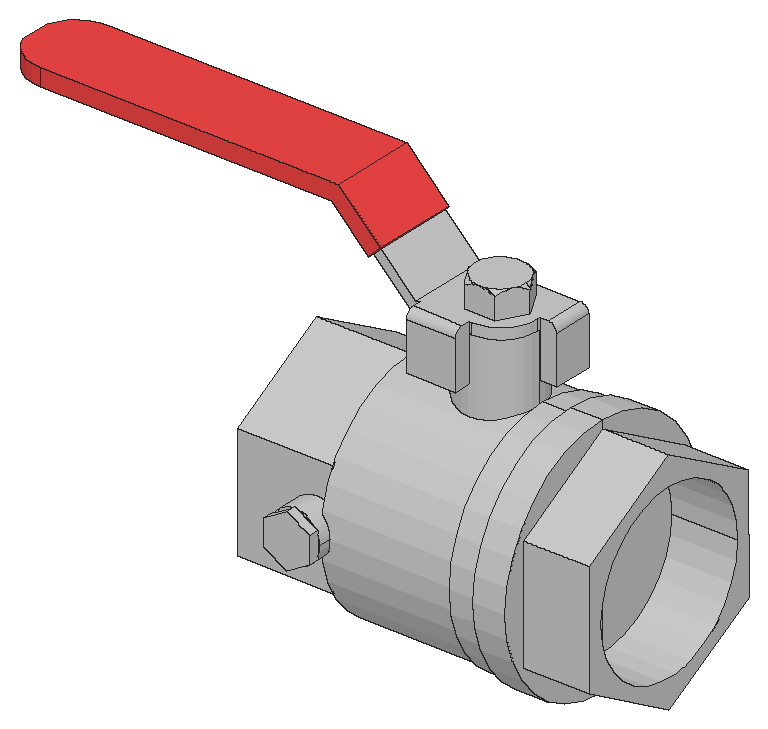
Revit family "Ридан_BVR-DR_Кран шаровой ГОСТ полнопроходной со спускным элементом", category Арматура трубопроводов, Revit 2019
Family settings
  Размер круглого соединителя = Использовать диаметр
  Тип детали = Вставляется
  На основе рабочей плоскости = Нет
  Всегда вертикально = Да
  При загрузке вырезать с полостями = Нет
  Общий = Нет
Parameters (values of type "DN50")
  УГО_Длина = y  # 62.62 mm
  Контакты_Производитель = "info@ridan.ru"  # constant formula
  y = size_lookup(LT, "y", 23 mm, ADSK_Диаметр условный)  # 62.62 mm
  x = size_lookup(LT, "x", 23 mm, ADSK_Диаметр условный)  # 56.66 mm
  w = size_lookup(LT, "w", 23 mm, ADSK_Диаметр условный)  # 9.21 mm
  v = size_lookup(LT, "v", 23 mm, ADSK_Диаметр условный)  # 16.46 mm
  u = size_lookup(LT, "u", 23 mm, ADSK_Диаметр условный)  # 11.5 mm
  t = size_lookup(LT, "t", 23 mm, ADSK_Диаметр условный)  # 5 mm
  s = size_lookup(LT, "s", 23 mm, ADSK_Диаметр условный)  # 4.5 mm
  r = size_lookup(LT, "r", 23 mm, ADSK_Диаметр условный)  # 3.5 mm
  q = size_lookup(LT, "q", 23 mm, ADSK_Диаметр условный)  # 10.5 mm
  p = size_lookup(LT, "p", 23 mm, ADSK_Диаметр условный)  # 41.25 mm
  o = size_lookup(LT, "o", 23 mm, ADSK_Диаметр условный)  # 41.25 mm
  n = size_lookup(LT, "n", 23 mm, ADSK_Диаметр условный)  # 15 mm
  m = size_lookup(LT, "m", 23 mm, ADSK_Диаметр условный)  # 65 mm
  l = size_lookup(LT, "l", 23 mm, ADSK_Диаметр условный)  # 80 mm
  k = size_lookup(LT, "k", 23 mm, ADSK_Диаметр условный)  # 26 mm
  j = size_lookup(LT, "j", 23 mm, ADSK_Диаметр условный)  # 59.5 mm
  i = size_lookup(LT, "i", 23 mm, ADSK_Диаметр условный)  # 75 mm
  h = size_lookup(LT, "h", 23 mm, ADSK_Диаметр условный)  # 77 mm
  g = size_lookup(LT, "g", 23 mm, ADSK_Диаметр условный)  # 29.12 mm
  f = size_lookup(LT, "f", 23 mm, ADSK_Диаметр условный)  # 34.5 mm
  e = size_lookup(LT, "e", 23 mm, ADSK_Диаметр условный)  # 22 mm
  d = size_lookup(LT, "d", 23 mm, ADSK_Диаметр условный)  # 10.5 mm
  c = size_lookup(LT, "c", 23 mm, ADSK_Диаметр условный)  # 9 mm
  b = size_lookup(LT, "b", 23 mm, ADSK_Диаметр условный)  # 43.12 mm
  a = size_lookup(LT, "a", 23 mm, ADSK_Диаметр условный)  # 31.38 mm
  URL = "https://ridan.ru/"
  LT = "BVR-DR"  # constant formula
  ADSK_Расход жидкости = 0.0000 m³/h
  ADSK_Пропускная способность = size_lookup(LT, "Kv", 0.0000 m³/h, ADSK_Диаметр условный)  # 243.0000 m³/h
  ADSK_Потеря давления жидкости = 100000.0 Pa * (ADSK_Расход жидкости / ADSK_Пропускная способность) ^ 2  # 0.0 Pa
  ADSK_Наименование = "Кран шаровой ГОСТ BVR-DR полнопроходной с внутренней резьбой со спускным элементом PN40, Tmax=110C, DN50"
  ADSK_Материал = Латунь никелированная
  ADSK_Масса_Текст = ""
  ADSK_Масса = size_lookup(LT, "M", 0, ADSK_Диаметр условный)  # 1.7
  ADSK_Марка = size_lookup(LT, "Mark", "", ADSK_Диаметр условный)  # "BVR-DR DN50"
  ADSK_Количество = 1  # constant formula
  ADSK_Код изделия = size_lookup(LT, "", "", ADSK_Диаметр условный)  # "065B8321RG"
  ADSK_Завод-изготовитель = "ООО «Ридан-Трейд»"  # constant formula
  ADSK_Единица измерения = "шт."
  ADSK_Диаметр условный = 50 mm
  ADSK_Версия семейства = "1.0"  # constant formula
  ADSK_Версия Revit = "2019"  # constant formula
Types (7, lengths in mm): name | УГО_Длина | y | x | p | o | m | l | k | j | i | h | g | f | e | d | c | b | a | ADSK_Пропускная способность | ADSK_Наименование | ADSK_Масса | ADSK_Марка | ADSK_Код изделия | ADSK_Диаметр условный
  (no name) | 62.62 | 62.62 | 56.66 | 41.25 | 41.25 | 65 | 80 | 26 | 59.5 | 75 | 77 | 29.12 | 34.5 | 22 | 10.5 | 9 | 43.12 | 31.38 | 243.0000 m³/h | "Кран шаровой ГОСТ BVR-DR полнопроходной с внутренней резьбой со спускным элементом PN40, Tmax=110C, DN50" | 1.7 | "BVR-DR DN50" | "065B8321RG" | 50
  DN15 | 26.54 | 26.54 | 18.63 | 20 | 20 | 24.5 | 30.5 | 16.5 | 29.4 | 26.5 | 28.5 | 10.93 | 15.5 | 10.9 | 7.1 | 7.5 | 11.93 | 20.57 | 15.0000 m³/h | "Кран шаровой ГОСТ BVR-DR полнопроходной с внутренней резьбой со спускным элементом PN40, Tmax=110C, DN15" | 0.27 | "BVR-DR DN15" | "065B8316RG" | 15
  DN20 | 33.63 | 33.63 | 24.12 | 22.75 | 22.75 | 30 | 37 | 16.5 | 32.2 | 33 | 35 | 17.3 | 17.5 | 13.67 | 5.33 | 7.5 | 20.8 | 17.7 | 28.0000 m³/h | "Кран шаровой ГОСТ BVR-DR полнопроходной с внутренней резьбой со спускным элементом PN40, Tmax=110C, DN20" | 0.36 | "BVR-DR DN20" | "065B8317RG" | 20
  DN25 | 34.21 | 34.21 | 30.29 | 27 | 27 | 37 | 44 | 19 | 37.5 | 40 | 42 | 15.21 | 20.5 | 16 | 6.5 | 7 | 20.71 | 24.79 | 39.0000 m³/h | "Кран шаровой ГОСТ BVR-DR полнопроходной с внутренней резьбой со спускным элементом PN40, Tmax=110C, DN25" | 0.56 | "BVR-DR DN25" | "065B8318RG" | 25
  DN32 | 40.07 | 40.07 | 38.95 | 31.5 | 31.5 | 46 | 55 | 23 | 45 | 50 | 52 | 17.57 | 24.5 | 18 | 7 | 7.5 | 25.57 | 27.93 | 84.0000 m³/h | "Кран шаровой ГОСТ BVR-DR полнопроходной с внутренней резьбой со спускным элементом PN40, Tmax=110C, DN32" | 0.73 | "BVR-DR DN32" | "065B8319RG" | 32
  DN40 | 52.25 | 52.25 | 44.85 | 37.5 | 37.5 | 53 | 65 | 23.5 | 50 | 60 | 62 | 24.75 | 29 | 19 | 7 | 7.5 | 37.75 | 26.75 | 156.0000 m³/h | "Кран шаровой ГОСТ BVR-DR полнопроходной с внутренней резьбой со спускным элементом PN40, Tmax=110C, DN40" | 1.12 | "BVR-DR DN40" | "065B8320RG" | 40
  DN50 | 62.62 | 62.62 | 56.66 | 41.25 | 41.25 | 65 | 80 | 26 | 59.5 | 75 | 77 | 29.12 | 34.5 | 22 | 10.5 | 9 | 43.12 | 31.38 | 243.0000 m³/h | "Кран шаровой ГОСТ BVR-DR полнопроходной с внутренней резьбой со спускным элементом PN40, Tmax=110C, DN50" | 1.7 | "BVR-DR DN50" | "065B8321RG" | 50
Reference planes
  plane 1 "По центру (Вперед/Назад)": y = 0
  plane 2: z = 0
  plane 3 "По центру (Влево/Вправо)": x = 0
  plane 4: x = -60.5
  plane 5: x = -34.5
  plane 6: x = -29.12
  plane 7: x = 14
  plane 8: x = 23
  plane 9: x = 33.5
  plane 10: x = 55.5
  plane 11: z = 37.5
  plane 12: z = 38.5
  plane 13: z = 40
  plane 14: z = -37.5
  plane 15: z = -38.5
  plane 16: z = -40
  plane 17: x = -13
  plane 18: x = 13
  plane 19: z = 59.5
  plane 20: z = 8.216
  plane 21: z = -8.236
  plane 22: y = -44.75
  plane 23: y = -41.25
  plane 24: y = 41.25
  plane 25: y = 60.96
  plane 26: y = 51.75
  plane 27: y = 45.75
  plane 28: x = -46
  plane 29: x = 12.5
Forms (mm)
  Revolve 1, solid, material "Латунь никелированная" <- "ADSK_Материал", detail levels fine
    sketch origin (0, 0, 0) x (1, 0, 0) y (0, 0, 1)
      loop
        line (33.5, -40) -> (33.5, 0) -> (-29.12, 0) -> (-29.12, -37.5) -> (14, -37.5) -> (14, -38.5) -> (23, -38.5) -> (23, -40) -> (33.5, -40)
      axis (-29.12, 0) -> (33.5, 0)
    angle from 0 to 360
  Extrusion 2, solid, material "Латунь никелированная" <- "ADSK_Материал", detail levels fine
    sketch origin (0, 0, 0) x (0, 1, 0) y (0, 0, 1)
      loop
        line (0, 37.528) -> (-32.5, 18.764) -> (-32.5, -18.764) -> (0, -37.528) -> (32.5, -18.764) -> (32.5, 18.764) -> (0, 37.528)
    from -60.5 to -29.12
  Extrusion 3, solid, material "Латунь никелированная" <- "ADSK_Материал", detail levels fine
    sketch origin (0, 0, 0) x (0, 1, 0) y (0, 0, 1)
      loop
        line (0, 37.528) -> (-32.5, 18.764) -> (-32.5, -18.764) -> (0, -37.528) -> (32.5, -18.764) -> (32.5, 18.764) -> (0, 37.528)
    from 33.5 to 55.5
  Revolve 4, solid, material "Латунь никелированная" <- "ADSK_Материал", detail levels fine
    sketch origin (0, 0, 0) x (1, 0, 0) y (0, 0, 1)
      loop
        line (-13, 59.5) -> (-13, 0) -> (0, 0) -> (0, 59.5) -> (-13, 59.5)
      axis (0, 59.5) -> (0, 0)
    angle from 0 to 360
  Extrusion 5, solid, material "Латунь никелированная" <- "ADSK_Материал", detail levels fine
    sketch origin (0, 0, 0) x (1, 0, 0) y (0, 0, 1)
      loop
        line (-34.5, 8.66) -> (-42, 4.33) -> (-42, -4.33) -> (-34.5, -8.66) -> (-27, -4.33) -> (-27, 4.33) -> (-34.5, 8.66)
    from 41.25 to 44.75
  Extrusion 6, solid, material "Латунь никелированная" <- "ADSK_Материал", detail levels fine
    sketch origin (0, 0, 0) x (1, 0, 0) y (0, 0, 1)
      loop
        circle (-34.5, 0) r 8.23
    from -41.25 to 41.25
  Extrusion 7, solid, material "Латунь никелированная" <- "ADSK_Материал", detail levels fine
    sketch origin (0, 0, 0) x (1, 0, 0) y (0, 0, 1)
      loop
        line (-34.5, 8.66) -> (-42, 4.33) -> (-42, -4.33) -> (-34.5, -8.66) -> (-27, -4.33) -> (-27, 4.33) -> (-34.5, 8.66)
    from -51.75 to -41.25
  Revolve 8, solid, material "Латунь никелированная" <- "ADSK_Материал", detail levels fine
    sketch origin (0, 0, 0) x (1, 0, 0) y (0, 1, 0)
      loop
        line (-40.48, 51.75) -> (-34.5, 51.75) -> (-34.5, 60.96) -> (-41.48, 60.96) -> (-41.48, 57.963) -> (-37.48, 57.963) -> (-37.48, 55.442) -> (-39.48, 54.715) -> (-39.48, 53.75) -> (-40.48, 53.75) -> (-40.48, 51.75)
      axis (-34.5, 60.96) -> (-34.5, 51.75)
    angle from 0 to 360
  Extrusion 9, solid, material "Латунь никелированная" <- "ADSK_Материал", detail levels fine
    sketch origin (0, 0, 0) x (0, 1, 0) y (0, 0, 1)
      loop
        circle (45.75, 0) r 2.5
    from -46 to -34.5
  Extrusion 10, void
    sketch origin (0, 0, 0) x (0, 1, 0) y (0, 0, 1)
      loop
        circle (0, 0) r 28.33
    from 33.5 to 55.5
  Extrusion 11, void
    sketch origin (0, 0, 0) x (0, 1, 0) y (0, 0, 1)
      loop
        circle (0, 0) r 28.33
    from -60.5 to -29.12
Cuts and joins
  Extrusion 10, Extrusion 11 cuts Revolve 1
  Extrusion 10, Extrusion 11 cuts Extrusion 3
  Extrusion 10, Extrusion 11 cuts Revolve 4
  Extrusion 11 cuts Extrusion 2
  Extrusion 11 cuts Extrusion 6
Dimensions and locks
  "a": plane 6 to plane 4
  "b": plane 7 to plane 6
  "c": plane 8 to plane 7
  "d": plane 9 to plane 8
  "e": plane 10 to plane 9
  "f": plane 5 to plane 3 "По центру (Влево/Вправо)"
  "g": plane 3 "По центру (Влево/Вправо)" to plane 6
  equal spacing: plane 11, plane 2, plane 14
  "i": plane 11 to plane 14
  equal spacing: plane 12, plane 2, plane 15
  "h": plane 12 to plane 15
  equal spacing: plane 13, plane 2, plane 16
  "l": plane 13 to plane 16
  equal spacing: Extrusion 2 sketch curve, plane 1 "По центру (Вперед/Назад)", Extrusion 2 sketch curve  (x3)
  "m": Extrusion 2 sketch curve to Extrusion 2 sketch curve  (x2)
  equal spacing: Extrusion 3 sketch curve, plane 1 "По центру (Вперед/Назад)", Extrusion 3 sketch curve  (x3)
  "m": Extrusion 3 sketch curve to Extrusion 3 sketch curve  (x2)
  equal spacing: plane 17, plane 3 "По центру (Влево/Вправо)", plane 18
  "k": plane 17 to plane 18
  "j": plane 19 to plane 2
  "r": plane 22 to plane 23
  "o": plane 23 to plane 1 "По центру (Вперед/Назад)"
  "p": plane 1 "По центру (Вперед/Назад)" to plane 24
  "q": plane 24 to plane 26
  "w": plane 26 to plane 25
  equal spacing: Extrusion 5 sketch curve, plane 5, Extrusion 5 sketch curve  (x3)
  "n": Extrusion 5 sketch curve to Extrusion 5 sketch curve  (x2)
  equal spacing: Extrusion 7 sketch curve, plane 5, Extrusion 7 sketch curve  (x3)
  "n": Extrusion 7 sketch curve to Extrusion 7 sketch curve  (x2)
  "s": plane 27 to plane 24
  "u": plane 28 to plane 5
  plane 29 to plane 3 "По центру (Влево/Вправо)" = 12.5 mm
  "v": diameter of Extrusion 6 sketch curve
  "t": diameter of Extrusion 9 sketch curve
  "x": diameter of Extrusion 10 sketch curve
  "x": diameter of Extrusion 11 sketch curve
  angle Extrusion 2 sketch curve to Extrusion 2 sketch curve = 120.00°  (x6)
  angle Extrusion 3 sketch curve to Extrusion 3 sketch curve = 120.00°  (x6)
  angle Extrusion 5 sketch curve to Extrusion 5 sketch curve = 120.00°  (x5)
  angle Revolve 1 to Extrusion 5 sketch curve = 120.00°
  angle Extrusion 7 sketch curve to Extrusion 7 sketch curve = 120.00°  (x6)
  aligned and locked: level to plane 2
  aligned and locked: Revolve 1 sketch curve to plane 9
  aligned and locked: plane 16 to Revolve 1 sketch curve
  aligned and locked: plane 15 to Revolve 1 sketch curve
  aligned and locked: Revolve 1 sketch curve to plane 7
  aligned and locked: plane 14 to Revolve 1 sketch curve
  aligned and locked: Revolve 1 sketch curve to plane 6
  aligned and locked: Revolve 1 sketch curve to plane 2
  aligned and locked: Revolve 1 sketch curve to plane 8
  aligned and locked: Extrusion 2 to plane 6
  aligned and locked: Extrusion 2 to plane 4
  aligned and locked: Extrusion 3 to plane 9
  aligned and locked: Extrusion 3 to plane 10
  aligned and locked: plane 19 to Revolve 4 sketch curve
  aligned and locked: Revolve 4 sketch curve to plane 17
  aligned and locked: plane 2 to Revolve 4 sketch curve
  aligned and locked: Revolve 4 sketch curve to plane 3 "По центру (Влево/Вправо)"
  aligned and locked: plane 23 to Extrusion 5
  aligned and locked: Extrusion 5 to plane 22
  aligned and locked: plane 24 to Extrusion 6
  aligned and locked: Extrusion 6 to plane 23
  aligned and locked: Extrusion 7 to plane 24
  aligned and locked: Extrusion 7 to plane 26
  aligned and locked: Revolve 8 sketch curve to plane 25
  aligned and locked: plane 5 to Revolve 8 sketch curve
  aligned and locked: Revolve 8 sketch curve to plane 26
  aligned and locked: plane 28 to Extrusion 9
  aligned and locked: Extrusion 9 to plane 5
  aligned and locked: Extrusion 10 to plane 9
  aligned and locked: plane 10 to Extrusion 10
  aligned and locked: Extrusion 11 to plane 4
  aligned and locked: plane 6 to Extrusion 11
  aligned and locked: nested 2 to plane 6
Automatic sketch dimensions
  Revolve 1 sketch curve to level = 0 mm
  Revolve 1 sketch curve to plane 6 = 1.584 mm
  plane 9 to Revolve 1 sketch curve = 3.45 mm
  Revolve 4 sketch curve to plane 3 "По центру (Влево/Вправо)" = 0 mm
  Revolve 4 sketch curve to plane 16 = 2.35 mm
  Revolve 4 sketch curve to Revolve 4 sketch curve = 3 mm
  Revolve 8 sketch curve to plane 5 = 0 mm
  plane 5 to Revolve 8 sketch curve = 2.98 mm
  Revolve 8 sketch curve to Revolve 8 sketch curve = 2 mm  (x2)
  Revolve 8 sketch curve to Revolve 8 sketch curve = 1 mm
  Revolve 8 sketch curve to plane 26 = 2 mm
  Revolve 8 sketch curve to Revolve 8 sketch curve = 0.965 mm
  Revolve 8 sketch curve to Revolve 8 sketch curve = 0.728 mm
  Revolve 8 sketch curve to plane 25 = 2.997 mm
  plane 26 to Revolve 8 sketch curve = 2.936 mm
  plane 25 to Revolve 8 sketch curve = 1.652 mm
  Extrusion 2 sketch curve to plane 1 "По центру (Вперед/Назад)" = 0 mm
  Extrusion 3 sketch curve to plane 1 "По центру (Вперед/Назад)" = 0 mm
  plane 5 to Extrusion 5 sketch curve = 0 mm
  Extrusion 6 sketch curve to level = 0 mm
  plane 5 to Extrusion 6 sketch curve = 0 mm
  plane 5 to Extrusion 7 sketch curve = 0 mm
  Extrusion 9 sketch curve to level = 0 mm
  Extrusion 9 sketch curve to plane 27 = 0 mm
  Extrusion 10 sketch curve to level = 0 mm
  Extrusion 10 sketch curve to plane 1 "По центру (Вперед/Назад)" = 0 mm
  Extrusion 11 sketch curve to level = 0 mm
  Extrusion 11 sketch curve to plane 1 "По центру (Вперед/Назад)" = 0 mm
Nested families
  nested 1: "Рукоятка BVR-DR" at (0, 0, 59.5), ADSK_Диаметр условный <- "ADSK_Диаметр условный", type "Рукоятка BVR-DR", detail levels fine
    with x 11.75 mm, w 1.5 mm, u 8.5 mm, t 9.75 mm, s 8.5 mm, r 140 mm, q 17 mm, p 13.01 mm, o 110 mm, n 23.99 mm, m 35.36 mm, l 5.52 mm, k 123.01 mm, j 43.03 mm, i 30 mm, h 18.03 mm, g 2 mm, f 14.99 mm, e 3.5 mm, d 5.5 mm, c 26 mm, b 13 mm, a 18.03 mm, ADSK_Диаметр условный 50 mm
  nested 2: "УГО_запорного_клапана" at (2.19, 0, 0), Длина_УГО <- "УГО_Длина", type "УГО_запорного_клапана", detail levels coarse+medium
    with Длина_УГО 62.62 mm, Высота_УГО 36.154 mm
Connectors
  piping at (33.5, 0, 0), diameter 50, driven by "ADSK_Диаметр условный", driven by "ADSK_Расход жидкости", driven by "ADSK_Потеря давления жидкости"
    settings: on plane 9, index 1, connector inside diameter 609.6 mm, connector length 0 mm, flow factor 0, pipe flow 0.0000 m³/h, pressure drop 0.0 Pa, fitting loss kfactor 0, connector angle 0.00°, fixture units 0, engagement length 0 mm, angle of deflection 0.00°, flow configuration 0, flow direction 0, fitting loss method 4, system type 29, joint type 0, gender type 0, connector reference index -1, connector utility 0, adjustable connector no, is connector primary yes, connector description ""
  piping at (-29.12, 0, 0), diameter 50, driven by "ADSK_Диаметр условный", driven by "ADSK_Расход жидкости"
    settings: on plane 6, index 2, connector inside diameter 609.6 mm, connector length 0 mm, flow factor 0, pipe flow 0.0000 m³/h, pressure drop 0.0 Pa, fitting loss kfactor 0, connector angle 0.00°, fixture units 0, engagement length 0 mm, angle of deflection 0.00°, flow configuration 0, flow direction 0, fitting loss method 0, system type 29, joint type 0, gender type 0, connector reference index -1, connector utility 0, adjustable connector no, is connector primary no, connector description ""
Definition of nested family "Рукоятка BVR-DR"
  Parameters (values of type "Рукоятка BVR-DR")
    Default Elevation = 1219.2 mm
    x [instance] = t + 2 mm  # 11.75 mm
    w [instance] = size_lookup(LT, "w", 23 mm, ADSK_Диаметр условный)  # 1.5 mm
    u [instance] = size_lookup(LT, "u", 23 mm, ADSK_Диаметр условный)  # 8.5 mm
    t [instance] = size_lookup(LT, "t", 23 mm, ADSK_Диаметр условный)  # 9.75 mm
    s [instance] = size_lookup(LT, "s", 23 mm, ADSK_Диаметр условный)  # 8.5 mm
    r [instance] = o + 30 mm  # 114 mm
    q [instance] = size_lookup(LT, "q", 23 mm, ADSK_Диаметр условный)  # 17 mm
    p [instance] = size_lookup(LT, "p", 23 mm, ADSK_Диаметр условный)  # 12.5 mm
    o [instance] = size_lookup(LT, "o", 23 mm, ADSK_Диаметр условный)  # 84 mm
    n [instance] = size_lookup(LT, "n", 23 mm, ADSK_Диаметр условный)  # 20 mm
    m [instance] = size_lookup(LT, "m", 23 mm, ADSK_Диаметр условный)  # 30.41 mm
    l [instance] = size_lookup(LT, "l", 23 mm, ADSK_Диаметр условный)  # 6.5 mm
    k [instance] = size_lookup(LT, "k", 23 mm, ADSK_Диаметр условный)  # 96.5 mm
    j [instance] = size_lookup(LT, "j", 23 mm, ADSK_Диаметр условный)  # 40.88 mm
    i [instance] = size_lookup(LT, "i", 23 mm, ADSK_Диаметр условный)  # 30 mm
    h [instance] = size_lookup(LT, "h", 23 mm, ADSK_Диаметр условный)  # 19.38 mm
    g [instance] = size_lookup(LT, "g", 23 mm, ADSK_Диаметр условный)  # 2 mm
    f [instance] = size_lookup(LT, "f", 23 mm, ADSK_Диаметр условный)  # 13 mm
    e [instance] = size_lookup(LT, "e", 23 mm, ADSK_Диаметр условный)  # 3.5 mm
    d [instance] = size_lookup(LT, "d", 23 mm, ADSK_Диаметр условный)  # 5.25 mm
    c [instance] = size_lookup(LT, "c", 23 mm, ADSK_Диаметр условный)  # 22.5 mm
    b [instance] = size_lookup(LT, "b", 23 mm, ADSK_Диаметр условный)  # 11.25 mm
    a [instance] = size_lookup(LT, "a", 23 mm, ADSK_Диаметр условный)  # 19.38 mm
    LT = "BVR-DR-R"  # constant formula
    ADSK_Диаметр условный [instance] = 32 mm
  Reference planes
    plane 1 "По центру (Вперед/Назад)": y = 0
    plane 2: z = 0
    plane 3 "По центру (Влево/Вправо)": x = 0
    plane 4: x = -19.38
    plane 5: x = 11.25
    plane 6: y = 11.25
    plane 7: y = -11.25
    plane 8: z = 3.5
    plane 9: z = -13
    plane 10: x = 16.5
    plane 11: y = -16.5
    plane 12: z = 1.75
    plane 13: x = -17.38
    plane 14: x = -126.5
    plane 15: x = -30
    plane 16: z = 26.5
    plane 17: z = 23.25
    plane 18: z = 20
    plane 19: y = 12.264
    plane 20: y = -12.264
    plane 21: x = -40.88
    plane 22: y = 13.247
    plane 23: y = -13.247
    plane 24: x = -114
    plane 25: x = -144
    plane 26: z = 12
    plane 27: x = 8.5
    plane 28: x = 9.75
    plane 29: x = 11.75
    plane 30: z = 10.5
  Forms (mm)
    Extrusion 1, solid
      sketch origin (0, 0, 0) x (1, 0, 0) y (0, 1, 0)
        loop
          line (-19.38, 11.25) -> (-19.38, -11.25) -> (0, -11.25) -> (1.069, -11.25)
          arc (1.069, -11.25) -> (8.268, -8.268) -> (11.25, -1.069) r 10.181
          line (11.25, -1.069) -> (11.25, 0) -> (11.25, 11.25) -> (-19.38, 11.25)
      from 0 to 3.5
    Extrusion 2, solid
      sketch origin (0, 0, 0) x (1, 0, 0) y (0, 0, 1)
        loop
          line (11.25, -13) -> (16.5, -13) -> (16.5, 0.765)
          arc (16.5, 0.765) -> (15.699, 2.699) -> (13.765, 3.5) r 2.735
          line (13.765, 3.5) -> (11.25, 3.5) -> (11.25, -13)
      from -11.25 to 0
    Extrusion 3, solid
      sketch origin (0, 0, 0) x (0, 1, 0) y (0, 0, 1)
        loop
          line (-11.25, 3.5) -> (-13.696, 3.5)
          arc (-13.696, 3.5) -> (-15.679, 2.679) -> (-16.5, 0.696) r 2.804
          line (-16.5, 0.696) -> (-16.5, -13) -> (-11.25, -13) -> (-11.25, 3.5)
      from -17.38 to 0
    Sweep 4, solid
      path origin (0, 0, 0) x (1, 0, 0) y (0, 0, 1)
        loop
          line (-126.5, 23.25) -> (-40.88, 23.25) -> (-30, 12.37)
      profile origin (-83.69, 0, 23.25) x (0, 0, 1) y (0, -1, 0)
        loop
          line (3.25, -12.264) -> (3.25, 12.264) -> (-3.25, 12.264) -> (-3.25, -12.264) -> (3.25, -12.264)
    Sweep 5, solid
      path origin (0, 0, 0) x (1, 0, 0) y (0, 0, 1)
        loop
          line (-17.38, 1.75) -> (-19.38, 1.75) -> (-40.883, 23.253)
      profile origin (-18.38, 0, 1.75) x (0, 0, -1) y (0, -1, 0)
        loop
          line (-1.75, 11.25) -> (-1.75, -11.25) -> (1.75, -11.25) -> (1.75, 11.25) -> (-1.75, 11.25)
    Extrusion 6, void
      sketch origin (0, 0, 0) x (1, 0, 0) y (0, 1, 0)
        loop
          line (-144, 13.247) -> (-144, -13.247) -> (-114, -13.247) -> (-114, -12.264)
          arc (-114, -12.264) -> (-126.264, 0) -> (-114, 12.264) r 12.264
          line (-114, 12.264) -> (-114, 13.247) -> (-144, 13.247)
      from 20 to 26.5
    Extrusion 7, solid
      sketch origin (0, 0, 0) x (1, 0, 0) y (0, 1, 0)
        loop
          line (9.815, 0) -> (4.907, 8.5) -> (-4.907, 8.5) -> (-9.815, 0) -> (-4.907, -8.5) -> (4.907, -8.5) -> (9.815, 0)
      from 3.5 to 12
    Revolve 8, void
      sketch origin (0, 0, 0) x (1, 0, 0) y (0, 0, 1)
        loop
          line (8.5, 12) -> (9.846, 10.5) -> (11.75, 10.5) -> (11.75, 12) -> (8.5, 12)
        axis (0, 12) -> (0, 10.5)
      angle from 0 to 360
  Cuts and joins
    Extrusion 6 cuts Sweep 4
    joined: Extrusion 1, Extrusion 2, Extrusion 3, Sweep 5
    Revolve 8 cuts Extrusion 7
  Lines and regions (mm)
    reference lines
      curve 1: line (-19.38, 0, 1.75) -> (-24.741, 0, 7.111)
      curve 2: line (-40.88, 0, 23.25) -> (-34.4, 0, 16.77)
  Dimensions and locks
    "a": plane 4 to plane 3 "По центру (Влево/Вправо)"
    "b": plane 3 "По центру (Влево/Вправо)" to plane 5
    "d": plane 5 to plane 10
    "d": plane 11 to plane 7
    equal spacing: plane 6, plane 1 "По центру (Вперед/Назад)", plane 7
    "c": plane 6 to plane 7
    "e": plane 8 to plane 2
    "f": plane 2 to plane 9
    equal spacing: plane 8, plane 12, plane 2
    "g": plane 4 to plane 13
    equal spacing: plane 16, plane 17, plane 18
    "h": plane 4 to plane 3 "По центру (Влево/Вправо)"
    "i": plane 15 to plane 3 "По центру (Влево/Вправо)"
    "j": plane 21 to plane 3 "По центру (Влево/Вправо)"
    "k": plane 14 to plane 15
    "l": plane 16 to plane 18
    "n": plane 18 to plane 2
    "m": Sweep 5 sketch curve to Sweep 5 sketch curve
    plane 19 to plane 6 = 1.014 mm
    plane 20 to plane 7 = 1.014 mm
    plane 22 to plane 19 = 0.984 mm
    plane 23 to plane 20 = 0.984 mm
    "o": plane 24 to plane 15
    "r": plane 25 to plane 15
    equal spacing: plane 19, plane 1 "По центру (Вперед/Назад)", plane 20
    equal spacing: plane 22, plane 1 "По центру (Вперед/Назад)", plane 23
    "s": plane 26 to plane 8
    equal spacing: Extrusion 7 sketch curve, plane 3 "По центру (Влево/Вправо)", Extrusion 7 sketch curve  (x2)
    equal spacing: Extrusion 7 sketch curve, plane 1 "По центру (Вперед/Назад)", Extrusion 7 sketch curve
    "q": Extrusion 7 sketch curve to Extrusion 7 sketch curve  (x2)
    "u": plane 27 to plane 3 "По центру (Влево/Вправо)"
    "t": plane 28 to plane 3 "По центру (Влево/Вправо)"
    "x": plane 29 to plane 3 "По центру (Влево/Вправо)"
    "w": plane 26 to plane 30
    angle plane 12 to curve 1 = 135.00°
    angle plane 17 to curve 2 = 135.00°
    angle Extrusion 7 sketch curve to Extrusion 7 sketch curve = 120.00°  (x6)
    aligned and locked: level to plane 2
    aligned and locked: plane 8 to Extrusion 1
    aligned and locked: plane 6 to Extrusion 2
    aligned and locked: plane 1 "По центру (Вперед/Назад)" to Extrusion 2
    aligned and locked: plane 7 to Extrusion 3 sketch curve
    aligned and locked: Extrusion 3 sketch curve to plane 9
    aligned and locked: Extrusion 3 sketch curve to plane 11
    aligned and locked: plane 3 "По центру (Влево/Вправо)" to Extrusion 3
    aligned and locked: plane 10 to Extrusion 2 sketch curve
    aligned and locked: Extrusion 2 sketch curve to plane 9
    aligned and locked: Extrusion 2 sketch curve to plane 5
    aligned and locked: plane 14 to Sweep 4 sketch curve
    aligned and locked: Sweep 4 sketch curve to plane 16
    aligned and locked: plane 18 to Sweep 4 sketch curve
    aligned and locked: plane 19 to Sweep 4 sketch curve
    aligned and locked: plane 20 to Sweep 4 sketch curve
    aligned and locked: plane 21 to Sweep 4 sketch curve
    aligned and locked: Sweep 5 sketch curve to curve 1
    aligned and locked: Sweep 5 sketch curve to Extrusion 1  (x2)
    aligned and locked: Sweep 4 sketch curve to curve 2
    aligned and locked: plane 7 to Sweep 5 sketch curve
    aligned and locked: plane 6 to Sweep 5 sketch curve
    aligned and locked: Extrusion 6 sketch curve to plane 22
    aligned and locked: Extrusion 6 sketch curve to plane 23
    aligned and locked: plane 25 to Extrusion 6 sketch curve
    aligned and locked: Extrusion 6 sketch curve to plane 24
    aligned and locked: Extrusion 6 to plane 18
    aligned and locked: Extrusion 6 to plane 16
    aligned and locked: Extrusion 7 to plane 8
    aligned and locked: plane 26 to Extrusion 7
    aligned and locked: Extrusion 3 to plane 13
    aligned and locked: plane 30 to Revolve 8 sketch curve
    aligned and locked: Revolve 8 sketch curve to plane 29
    aligned and locked: Revolve 8 sketch curve to plane 26
  Automatic sketch dimensions
    Extrusion 3 sketch curve to plane 8 = 0 mm
    level to Extrusion 3 sketch curve = 0.696 mm
    Extrusion 2 sketch curve to plane 8 = 0 mm
    level to Extrusion 2 sketch curve = 0.765 mm
    Extrusion 1 sketch curve to plane 4 = 0 mm
    Extrusion 1 sketch curve to plane 3 "По центру (Влево/Вправо)" = 0 mm
    plane 7 to Extrusion 1 sketch curve = 0 mm
    plane 1 "По центру (Вперед/Назад)" to Extrusion 1 sketch curve = 0 mm
    Extrusion 1 sketch curve to plane 5 = 0 mm
    Extrusion 1 sketch curve to plane 6 = 0 mm
    plane 3 "По центру (Влево/Вправо)" to Extrusion 1 sketch curve = 1.069 mm
    curve 2 to plane 17 = 0 mm
    plane 21 to curve 2 = 0 mm
    plane 4 to curve 1 = 0 mm
    curve 1 to plane 12 = 0 mm
    plane 15 to Sweep 4 sketch curve = 0 mm
    plane 20 to Extrusion 6 sketch curve = 0 mm
    plane 1 "По центру (Вперед/Назад)" to Extrusion 6 sketch curve = 0 mm
    Revolve 8 sketch curve to plane 3 "По центру (Влево/Вправо)" = 0 mm
    Revolve 8 sketch curve to plane 27 = 0 mm
    plane 28 to Revolve 8 sketch curve = 0.096 mm
    Revolve 8 sketch curve to plane 30 = 1.372 mm
    plane 26 to Revolve 8 sketch curve = 1.425 mm
    plane 4 to Sweep 5 sketch curve = 0 mm
    Sweep 5 sketch curve to plane 13 = 0 mm
    plane 1 "По центру (Вперед/Назад)" to Extrusion 7 sketch curve = 0 mm
Definition of nested family "УГО_запорного_клапана"
  Parameters (values of type "УГО_запорного_клапана")
    Длина_УГО [instance] = 100 mm
    Высота_УГО [instance] = (Длина_УГО / 2) / cos(30.00°)  # 57.735 mm
  Reference planes
    plane 1 "По центру (Вперед/Назад)": y = 0
    plane 2: z = 0
    plane 3 "По центру (Влево/Вправо)": x = 0
    plane 4: x = -50
    plane 5: x = 50
    plane 6: z = 28.868
    plane 7: z = -28.868
  Forms (mm)
    Extrusion 1, solid
      sketch origin (0, 0, 0) x (1, 0, 0) y (0, 0, 1)
        loop
          line (-50, 28.868) -> (-50, -28.868) -> (0, 0) -> (-50, 28.868)
      from -0.5 to 0.5
    Extrusion 2, solid
      sketch origin (0, 0, 0) x (1, 0, 0) y (0, 0, 1)
        loop
          line (50, 28.868) -> (0, 0) -> (50, -28.868) -> (50, 28.868)
      from -0.5 to 0.5
  Dimensions and locks
    equal spacing: plane 5, plane 3 "По центру (Влево/Вправо)", plane 4
    "Длина_УГО": plane 5 to plane 4
    equal spacing: plane 6, level, plane 7
    "Высота_УГО": plane 6 to plane 7
    aligned and locked: level to plane 2
    aligned and locked: Extrusion 1 sketch curve to plane 4
    aligned and locked: Extrusion 2 sketch curve to plane 5
    aligned and locked: plane 6 to Extrusion 1 sketch curve
    aligned and locked: plane 7 to Extrusion 1 sketch curve
    aligned and locked: plane 6 to Extrusion 2 sketch curve
    aligned and locked: plane 7 to Extrusion 2 sketch curve
  Automatic sketch dimensions
    Extrusion 1 sketch curve to level = 0 mm
    Extrusion 1 sketch curve to plane 3 "По центру (Влево/Вправо)" = 0 mm
    Extrusion 2 sketch curve to level = 0 mm
    Extrusion 2 sketch curve to plane 3 "По центру (Влево/Вправо)" = 0 mm
